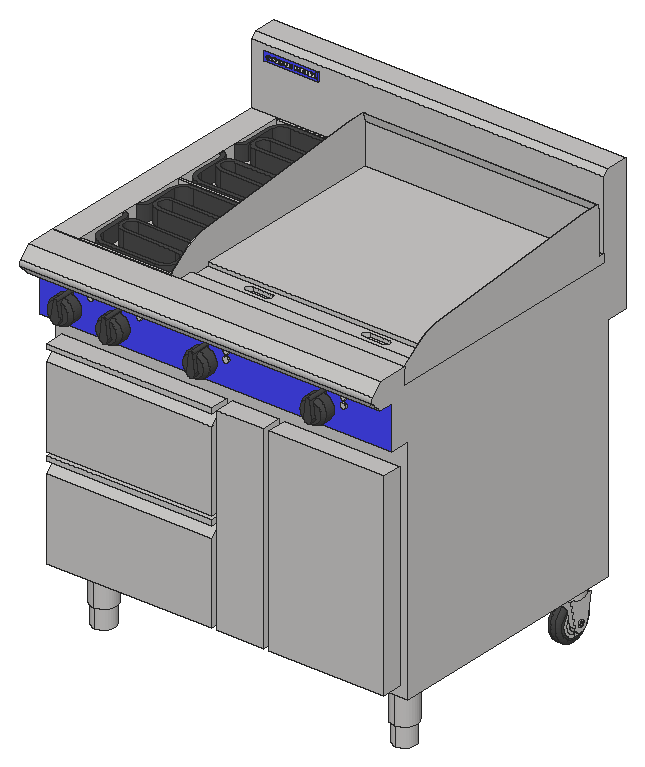
Revit family "QF_MOFFAT_BLUESEAL_CE_E516B-RB", category Specialty Equipment, Revit 2012 (continued)
Definition of nested family "ELECTRIC BURNER & GRIDDLE 900"
  Lines and regions (mm)
    symbolic lines
      curve 45: arc (85.912, -45.396, 0) -> (94.459, -26.845, 0) -> (113.612, -19.75, 0) r 26.722
      curve 46: line (246.212, -387.65, 0) -> (114.862, -387.65, 0)
      curve 47: arc (114.862, -387.65, 0) -> (87.162, -415.35, 0) -> (114.862, -443.05, 0) r 27.7
      curve 48: line (114.862, -443.05, 0) -> (246.212, -443.05, 0)
      curve 49: arc (246.212, -443.05, 0) -> (273.912, -470.75, 0) -> (246.212, -498.45, 0) r 27.7
      curve 50: line (246.212, -498.45, 0) -> (114.862, -498.45, 0)
      curve 51: arc (114.862, -498.45, 0) -> (87.162, -526.15, 0) -> (114.862, -553.85, 0) r 27.7
      curve 52: line (114.862, -553.85, 0) -> (246.212, -553.85, 0)
      curve 53: arc (246.212, -553.85, 0) -> (273.912, -581.55, 0) -> (246.212, -609.25, 0) r 27.7
      curve 54: line (246.212, -609.25, 0) -> (113.612, -609.25, 0)
      curve 55: arc (113.612, -609.25, 0) -> (94.459, -602.155, 0) -> (85.912, -583.604, 0) r 26.722
      curve 56: line (85.912, -583.604, 0) -> (85.912, -512.396, 0)
      curve 57: arc (85.912, -512.396, 0) -> (79.848, -496.287, 0) -> (65, -487.582, 0) r 25.79
      curve 58: line (65, -487.582, 0) -> (65, -497.888, 0)
      curve 59: arc (65, -497.888, 0) -> (72.781, -503.462, 0) -> (75.912, -512.507, 0) r 15.79
      curve 60: line (75.912, -512.507, 0) -> (75.912, -583.786, 0)
      curve 61: arc (75.912, -583.786, 0) -> (87.513, -609.351, 0) -> (113.784, -619.25, 0) r 36.722
      curve 62: line (113.784, -619.25, 0) -> (246.212, -619.25, 0)
      curve 63: arc (246.212, -619.25, 0) -> (283.912, -581.55, 0) -> (246.212, -543.85, 0) r 37.7
      curve 64: line (246.212, -543.85, 0) -> (113.612, -543.85, 0)
      curve 65: arc (113.612, -543.85, 0) -> (95.912, -526.15, 0) -> (113.612, -508.45, 0) r 17.7
      curve 66: line (113.612, -508.45, 0) -> (246.212, -508.45, 0)
      curve 67: arc (246.212, -508.45, 0) -> (283.912, -470.75, 0) -> (246.212, -433.05, 0) r 37.7
      curve 68: line (246.212, -433.05, 0) -> (113.612, -433.05, 0)
      curve 69: arc (113.612, -433.05, 0) -> (95.912, -415.35, 0) -> (113.612, -397.65, 0) r 17.7
      curve 70: line (113.612, -397.65, 0) -> (246.212, -397.65, 0)
      curve 71: arc (246.212, -397.65, 0) -> (283.912, -359.95, 0) -> (246.212, -322.25, 0) r 37.7
      curve 72: line (246.212, -322.25, 0) -> (113.784, -322.25, 0)
      curve 73: arc (113.784, -322.25, 0) -> (87.513, -332.149, 0) -> (75.912, -357.714, 0) r 36.722
      curve 74: line (75.912, -357.714, 0) -> (75.912, -428.981, 0)
      curve 75: arc (75.912, -428.981, 0) -> (72.964, -437.79, 0) -> (65.612, -443.468, 0) r 15.973
      curve 76: line (65.612, -443.468, 0) -> (65.612, -453.881, 0)
      curve 77: arc (65.612, -453.881, 0) -> (80.037, -444.995, 0) -> (85.912, -429.104, 0) r 25.973
      curve 78: line (85.912, -429.104, 0) -> (85.912, -357.896, 0)
      curve 79: arc (85.912, -357.896, 0) -> (94.459, -339.345, 0) -> (113.612, -332.25, 0) r 26.722
      curve 80: line (113.612, -332.25, 0) -> (246.212, -332.25, 0)
      curve 81: arc (246.212, -332.25, 0) -> (273.912, -359.95, 0) -> (246.212, -387.65, 0) r 27.7
      curve 82: line (0, 0, 0) -> (0, -635, 0)
      curve 83: line (65.8, -320.251, 0) -> (294.362, -320.251, 0)
      curve 84: line (294.362, -320.251, 0) -> (294.362, -630, 0)
      curve 85: line (294.362, -630, 0) -> (65.8, -630, 0)
      curve 86: line (65.8, -630, 0) -> (65.8, -320.251, 0)
      curve 87: line (65.8, -312.651, 0) -> (65.8, -5, 0)
      curve 88: line (65.8, -5, 0) -> (294.362, -5, 0)
      curve 89: line (294.362, -5, 0) -> (294.362, -312.651, 0)
      curve 90: line (294.362, -312.651, 0) -> (65.8, -312.651, 0)
  Dimensions and locks
    equal spacing: plane 3 "LEFT", plane 7 "Center Y", plane 4 "RIGHT"
    "Width": plane 3 "LEFT" to plane 4 "RIGHT"
    equal spacing: plane 5 "FRONT", plane 8 "Center X", plane 1 "BACK"
    "Depth": plane 5 "FRONT" to plane 1 "BACK"
    aligned and locked: level to plane 2
  Automatic sketch dimensions
    plane 1 "BACK" to Extrusion 1 sketch curve = 0 mm
    Extrusion 1 sketch curve to plane 10 = 0 mm  (x2)
    Extrusion 1 sketch curve to plane 3 "LEFT" = 0 mm
    plane 5 "FRONT" to Extrusion 1 sketch curve = 0 mm
    plane 1 "BACK" to Extrusion 1 sketch curve = 5 mm
    plane 8 "Center X" to Extrusion 1 sketch curve = 4.849 mm
    Extrusion 1 sketch curve to plane 8 "Center X" = 2.751 mm
    Extrusion 1 sketch curve to plane 5 "FRONT" = 5 mm
    Extrusion 1 sketch curve to plane 7 "Center Y" = 155.638 mm  (x2)
    Extrusion 1 sketch curve to Extrusion 1 sketch curve = 5.638 mm
    Extrusion 2 sketch curve to Extrusion 2 sketch curve = 0 mm  (x35)
    plane 1 "BACK" to Extrusion 2 sketch curve = 9.75 mm
    Extrusion 2 sketch curve to Extrusion 2 sketch curve = 10 mm  (x2)
    plane 9 to Extrusion 2 sketch curve = 24.786 mm
    Extrusion 2 sketch curve to Extrusion 2 sketch curve = 0.182 mm  (x4)
    plane 9 to Extrusion 2 sketch curve = 23.546 mm
    plane 9 to Extrusion 2 sketch curve = 22.55 mm
    Extrusion 2 sketch curve to Extrusion 2 sketch curve = 17.7 mm  (x4)
    Extrusion 2 sketch curve to plane 9 = 46.093 mm
    Extrusion 2 sketch curve to Extrusion 2 sketch curve = 0.4 mm  (x2)
    Extrusion 2 sketch curve to Extrusion 2 sketch curve = 0.111 mm  (x2)
    Extrusion 2 sketch curve to Extrusion 2 sketch curve = 14.806 mm
    Extrusion 2 sketch curve to Extrusion 2 sketch curve = 10.393 mm
    Extrusion 2 sketch curve to Extrusion 2 sketch curve = 27.7 mm  (x6)
    Extrusion 2 sketch curve to Extrusion 2 sketch curve = 33.826 mm
    Extrusion 2 sketch curve to Extrusion 2 sketch curve = 10.413 mm  (x2)
    Extrusion 2 sketch curve to Extrusion 2 sketch curve = 14.364 mm
    Extrusion 2 sketch curve to Extrusion 2 sketch curve = 0.123 mm  (x2)
    Extrusion 2 sketch curve to Extrusion 2 sketch curve = 14.934 mm  (x2)
    Extrusion 2 sketch curve to Extrusion 2 sketch curve = 26.704 mm  (x2)
    Extrusion 2 sketch curve to Extrusion 2 sketch curve = 1.058 mm  (x3)
    Extrusion 2 sketch curve to plane 8 "Center X" = 4.75 mm
    Extrusion 2 sketch curve to plane 8 "Center X" = 40.214 mm
    Extrusion 2 sketch curve to Extrusion 2 sketch curve = 4.516 mm
    Extrusion 2 sketch curve to Extrusion 2 sketch curve = 0.447 mm
    Extrusion 2 sketch curve to Extrusion 2 sketch curve = 33.7 mm
    Extrusion 2 sketch curve to Extrusion 2 sketch curve = 10.306 mm
    Extrusion 2 sketch curve to Extrusion 2 sketch curve = 14.508 mm
    plane 3 "LEFT" to Extrusion 2 sketch curve = 59.946 mm  (x2)
    plane 3 "LEFT" to Extrusion 2 sketch curve = 60.128 mm  (x2)
    Extrusion 2 sketch curve to Extrusion 2 sketch curve = 4.872 mm
    Extrusion 2 sketch curve to Extrusion 2 sketch curve = 5.484 mm
    Extrusion 2 sketch curve to Extrusion 2 sketch curve = 5.667 mm  (x2)
    Extrusion 2 sketch curve to Extrusion 2 sketch curve = 26.701 mm  (x4)
    Extrusion 2 sketch curve to Extrusion 2 sketch curve = 0.999 mm  (x3)
    Extrusion 2 sketch curve to Extrusion 2 sketch curve = 0.156 mm
    Extrusion 2 sketch curve to Extrusion 2 sketch curve = 0.625 mm
    Extrusion 2 sketch curve to Extrusion 2 sketch curve = 1.25 mm  (x2)
    Extrusion 2 sketch curve to Extrusion 2 sketch curve = 132.6 mm
    Extrusion 2 sketch curve to Extrusion 2 sketch curve = 132.428 mm
    Extrusion 2 sketch curve to Extrusion 2 sketch curve = 131.35 mm
    curve 11 to curve 37 = 0 mm  (x2)
    curve 15 to curve 33 = 0 mm  (x2)
    curve 19 to curve 29 = 0 mm  (x2)
    curve 21 to curve 27 = 0 mm  (x2)
    curve 23 to curve 25 = 0 mm  (x2)
    curve 39 to curve 45 = 0 mm  (x2)
    curve 41 to curve 43 = 0 mm  (x2)
    curve 49 to curve 67 = 0 mm  (x2)
    curve 53 to curve 63 = 0 mm  (x2)
    curve 55 to curve 61 = 0 mm  (x2)
    curve 57 to curve 59 = 0 mm  (x2)
    curve 71 to curve 81 = 0 mm  (x2)
    curve 73 to curve 79 = 0 mm  (x2)
    curve 75 to curve 77 = 0 mm  (x2)
    curve 1 to plane 3 "LEFT" = 0 mm
    plane 5 "FRONT" to curve 7 = 0 mm
    curve 3 to plane 4 "RIGHT" = 0 mm
    plane 1 "BACK" to curve 82 = 0 mm
    plane 3 "LEFT" to curve 25 = 59.946 mm
    plane 3 "LEFT" to curve 75 = 59.946 mm
    plane 3 "LEFT" to curve 59 = 60.128 mm
    plane 3 "LEFT" to curve 43 = 60.128 mm
    curve 57 to curve 58 = 4.872 mm
    curve 23 to curve 25 = 5.667 mm
    curve 41 to curve 43 = 5.484 mm
    curve 75 to curve 76 = 5.667 mm
    curve 7 to plane 8 "Center X" = 2.751 mm
    plane 3 "LEFT" to curve 7 = 65.8 mm
    curve 90 to curve 7 = 0 mm
    curve 57 to curve 59 = 15.784 mm
    curve 75 to curve 74 = 15.967 mm
    curve 87 to curve 27 = 10.112 mm
    curve 87 to curve 39 = 10.112 mm
    curve 25 to curve 23 = 10 mm
    curve 39 to curve 44 = 10 mm
    curve 73 to curve 79 = 10 mm
    curve 59 to curve 57 = 10 mm
    curve 44 to curve 39 = 26.701 mm
    curve 21 to curve 27 = 26.701 mm
    curve 79 to curve 79 = 26.701 mm
    curve 56 to curve 55 = 26.701 mm
    curve 23 to curve 32 = 27.7 mm
    curve 36 to plane 9 = 15.15 mm
    curve 39 to curve 36 = 0.999 mm
    curve 56 to curve 66 = 27.7 mm
    curve 55 to curve 55 = 0.999 mm
    curve 77 to curve 68 = 27.7 mm
    curve 21 to curve 20 = 0.999 mm
    curve 79 to plane 8 "Center X" = 14.75 mm
    curve 73 to curve 79 = 0.999 mm
    curve 39 to curve 45 = 0.999 mm
    curve 35 to curve 13 = 0.156 mm
    curve 54 to curve 62 = 0.172 mm
    curve 45 to curve 39 = 0.172 mm
    curve 80 to curve 72 = 0.172 mm
    curve 20 to curve 27 = 0.172 mm
    curve 31 to curve 17 = 0.625 mm
    curve 65 to curve 51 = 1.25 mm
    curve 68 to curve 48 = 1.25 mm
    curve 54 to plane 5 "FRONT" = 25.75 mm
    curve 54 to curve 54 = 132.6 mm
    curve 50 to curve 63 = 0 mm
    curve 46 to curve 68 = 0 mm
    plane 1 "BACK" to curve 38 = 9.75 mm
    curve 39 to curve 38 = 132.428 mm
    curve 34 to curve 36 = 0 mm
    curve 30 to curve 32 = 0 mm
    plane 8 "Center X" to curve 90 = 4.849 mm
    curve 29 to curve 90 = 48.15 mm
    curve 9 to plane 5 "FRONT" = 0.299 mm
    curve 62 to curve 9 = 48.15 mm
    curve 8 to curve 89 = 0 mm
    curve 9 to curve 9 = 11.275 mm
    plane 4 "RIGHT" to curve 2 = 65.612 mm
    curve 6 to curve 86 = 5 mm
    curve 62 to curve 54 = 10 mm
    curve 55 to curve 60 = 25.464 mm
    curve 54 to curve 53 = 27.7 mm
    curve 64 to curve 65 = 17.7 mm
    curve 65 to curve 51 = 0 mm
    curve 59 to curve 66 = 4.457 mm
    curve 57 to curve 59 = 0.4 mm
    curve 59 to curve 57 = 0.111 mm
    curve 49 to curve 67 = 27.7 mm
    curve 57 to curve 77 = 33.7 mm
    curve 77 to curve 76 = 10.413 mm
    curve 75 to curve 77 = 14.364 mm
    curve 68 to curve 69 = 17.7 mm
    curve 69 to curve 47 = 0 mm
    curve 79 to curve 79 = 26.704 mm
    plane 8 "Center X" to curve 28 = 10.75 mm
    curve 28 to curve 19 = 10 mm
    curve 87 to curve 26 = 41.365 mm
    curve 20 to curve 19 = 27.7 mm
    curve 30 to curve 31 = 17.7 mm
    curve 31 to curve 17 = 0 mm
    curve 23 to curve 32 = 4.516 mm
    curve 23 to curve 26 = 0.447 mm
    curve 25 to curve 23 = 0.123 mm
    curve 15 to curve 33 = 27.7 mm
    curve 24 to curve 43 = 33.826 mm
    curve 42 to curve 41 = 10.393 mm
    curve 42 to curve 43 = 14.296 mm
    curve 35 to curve 13 = 0 mm
    curve 39 to curve 10 = 26.704 mm
    plane 1 "BACK" to curve 88 = 5 mm
  Nested families
    nested 1: "ELECTRIC GRIDDLE PLATE 300" at (300, -15, 0), type "ELECTRIC GRIDDLE PLATE 300"
      with Width 600 mm, Type Mark "", Status "", Specification by User "", Show Clearance yes, Revision Code "", Number of Poles 1, Mechanical Remarks "", Mechanical Connection Type "", Item Number "", Installed By "", Identify Quantity as Lot yes, Gas RI Height 0 mm, Gas KW 0, Gas Input 0.0 Btu/h, Furnished By "", Foodservice Equipment Identifier yes, Electrical Remarks "", Electric Connection Type "", Elec Conn RI Height 0 mm, Elec Conn Connection Height 0 mm, Depth 620 mm
  Definition of nested family "ELECTRIC GRIDDLE PLATE 300"
    Parameters (values of type "ELECTRIC GRIDDLE PLATE 300")
      Width [instance] = 600 mm
      Weight in Pounds = 0
      Watts = 0 W
      Volts = 0 V
      URL Cutsheet = ""
      Type Mark [instance] = ""
      Status [instance] = ""
      Specification by User [instance] = ""
      Specification by Manufacturer = ""
      Show Clearance [instance] = yes
      Serial Number = ""
      Seismic Rating = ""
      SMACNA No = ""
      Revision Code [instance] = ""
      Phase = 1
      Omniclass Number and Title = ""
      Number of Poles [instance] = 1
      NAFEM Spec ID Number = ""
      Min Ckt Ampacity = 0 A
      Mechanical Remarks [instance] = ""
      Mechanical Connection Type [instance] = ""
      Max Overcurrent Protection = 0 A
      Masterspec = ""
      Item Number [instance] = ""
      Installed By [instance] = ""
      Identify Quantity as Lot [instance] = yes
      HP = ""
      Gas Size = 0"
      Gas RI Height [instance] = 0 mm
      Gas KW [instance] = 0
      Gas Input [instance] = 0.0 Btu/h
      Gas Connection Height = 0 mm
      Furnished By [instance] = ""
      Foodservice Equipment Identifier [instance] = yes
      FL Amps = 0 A
      Electrical Remarks [instance] = ""
      Electric Connection Type [instance] = ""
      Elec Conn RI Height [instance] = 0 mm
      Elec Conn Connection Height [instance] = 0 mm
      Depth [instance] = 620 mm
      Cycle = 0 Hz
      Conn Plug = ""
      Conn Conduit = yes
      CSI MasterFormat = ""
      CSI Master Format = ""
      Apparent Power = if(Phase = 3, Volts * FL Amps * 1.73, Volts * FL Amps)  # 0 VA
    Reference planes
      plane 1 "BACK": y = 0
      plane 2: z = 0
      plane 3 "LEFT": x = 0
      plane 4 "RIGHT": x = 600
      plane 5 "FRONT": y = -620
      plane 6 "TOP": z = 142.5
      plane 7 "Center Y": x = 300
      plane 8 "Center X": y = -310
      plane 9: y = -530.997
      plane 10: y = -541.497
      plane 11: y = -503.25
      plane 12: y = -557.737
    Forms (mm)
      Extrusion 1, solid, material "QF_Finishes_Stainless Steel"
        sketch origin (0, 70.003, -874.5) x (0, 1, 0) y (0, 0, 1)
          loop
            line (-70, 875) -> (-70, 997.489) -> (-75.228, 1017) -> (-117.24, 1017) -> (-589.533, 971.523)
            arc (-589.533, 971.523) -> (-614.56, 965.803) -> (-637.306, 953.899) r 100
            line (-637.306, 953.899) -> (-690.003, 917) -> (-690.003, 875) -> (-70, 875)
        from 0 to 1.8
      Extrusion 2, solid, material "QF_Finishes_Stainless Steel"
        sketch origin (600, 70.003, -874.5) x (0, -1, 0) y (0, 0, 1)
          loop
            line (70, 875) -> (690.003, 875) -> (690.003, 917) -> (637.306, 953.899)
            arc (637.306, 953.899) -> (614.56, 965.803) -> (589.533, 971.523) r 100
            line (589.533, 971.523) -> (117.24, 1017) -> (75.228, 1017) -> (70, 997.489) -> (70, 875)
        from 0 to 1.2
      Extrusion 3, solid, material "QF_Finishes_Stainless Steel"
        sketch origin (150, 70.003, -874.5) x (0, 1, 0) y (0, 0, 1)
          loop
            line (-55, 895) -> (-573.253, 895) -> (-573.253, 884.5) -> (-627.74, 884.5) -> (-627.74, 895) -> (-690.003, 895) -> (-690.003, 875) -> (-55, 875) -> (-55, 895)
        from -148.2 to 450
      Extrusion 4, void
        sketch origin (150, -541.497, 10) x (0, -1, 0) y (1, 0, 0)
          loop
            arc (-7.497, 325) -> (-17.497, 335) -> (-27.497, 325) r 10
            line (-27.497, 325) -> (-27.497, 275)
            arc (-27.497, 275) -> (-17.497, 265) -> (-7.497, 275) r 10
            line (-7.497, 275) -> (-7.497, 325)
          loop
            arc (-7.497, 25) -> (-17.497, 35) -> (-27.497, 25) r 10
            line (-27.497, 25) -> (-27.497, -25)
            arc (-27.497, -25) -> (-17.497, -35) -> (-7.497, -25) r 10
            line (-7.497, -25) -> (-7.497, 25)
        from -41.4 to 40.142
      Extrusion 5, solid, material "QF_Finishes_Stainless Steel"
        sketch origin (0, 70.003, -874.5) x (0, 1, 0) y (0, 0, 1)
          loop
            line (-70, 875) -> (-70, 997.489) -> (-75.228, 1017) -> (-76.884, 1017) -> (-71.6, 997.278) -> (-71.6, 875) -> (-70, 875)
        from 0 to 598.8
    Cuts and joins
      Extrusion 4 cuts Extrusion 3
      joined: Extrusion 1, Extrusion 2, Extrusion 3, Extrusion 5
    Lines and regions (mm)
      symbolic lines
        curve 1: line (598.8, -503.25, 0) -> (1.8, -503.25, 0)
        curve 2: line (1.8, -557.737, 0) -> (598.8, -557.737, 0)
        curve 3: line (1.8, -1.68, 0) -> (598.8, -1.68, 0)
        curve 4: line (598.8, -1.68, 0) -> (598.8, -620, 0)
        curve 5: line (1.8, -620, 0) -> (1.8, -1.68, 0)
        curve 6: line (1.8, -620, 0) -> (598.8, -620, 0)
        curve 7: line (125, -514, 0) -> (175, -514, 0)
        curve 8: arc (175, -514, 0) -> (185, -524, 0) -> (175, -534, 0) r 10
        curve 9: line (175, -534, 0) -> (125, -534, 0)
        curve 10: arc (125, -534, 0) -> (115, -524, 0) -> (125, -514, 0) r 10
        curve 11: line (425, -514, 0) -> (475, -514, 0)
        curve 12: arc (475, -514, 0) -> (485, -524, 0) -> (475, -534, 0) r 10
        curve 13: line (475, -534, 0) -> (425, -534, 0)
        curve 14: arc (425, -534, 0) -> (415, -524, 0) -> (425, -514, 0) r 10
    Dimensions and locks
      equal spacing: plane 3 "LEFT", plane 7 "Center Y", plane 4 "RIGHT"
      "Width": plane 3 "LEFT" to plane 4 "RIGHT"
      equal spacing: plane 5 "FRONT", plane 8 "Center X", plane 1 "BACK"
      "Depth": plane 5 "FRONT" to plane 1 "BACK"
      locked: Extrusion 2 to Extrusion 2 at 1.2
      aligned and locked: level to plane 2
      aligned and locked: Extrusion 2 to plane 4 "RIGHT"
      aligned and locked: curve 1 to plane 11
      aligned and locked: plane 12 to curve 2
      aligned and locked: Extrusion 5 to cut or joined group of Extrusion 1, Extrusion 2, Extrusion 3, Extrusion 4, Extrusion 5
      aligned and locked: cut or joined group of Extrusion 1, Extrusion 2, Extrusion 3, Extrusion 4, Extrusion 5 to plane 4 "RIGHT"
    Automatic sketch dimensions
      plane 5 "FRONT" to curve 6 = 0 mm
      plane 3 "LEFT" to curve 6 = 1.8 mm
      plane 4 "RIGHT" to curve 4 = 1.2 mm
      plane 1 "BACK" to curve 3 = 1.68 mm
      Extrusion 1 sketch curve to plane 5 "FRONT" = 0 mm
      Extrusion 1 sketch curve to plane 6 "TOP" = 0 mm
      plane 12 to Extrusion 1 sketch curve = 9.566 mm
      plane 11 to Extrusion 1 sketch curve = 16.28 mm
      Extrusion 1 sketch curve to level = 2.516 mm
      plane 11 to Extrusion 1 sketch curve = 6.695 mm
      plane 1 "BACK" to Extrusion 1 sketch curve = 47.237 mm
      plane 1 "BACK" to Extrusion 1 sketch curve = 5.225 mm
      Extrusion 1 sketch curve to plane 1 "BACK" = 0.003 mm
      level to Extrusion 1 sketch curve = 0.5 mm
      Extrusion 1 sketch curve to Extrusion 1 sketch curve = 42 mm
      Extrusion 1 sketch curve to plane 6 "TOP" = 63.101 mm
      Extrusion 1 sketch curve to plane 6 "TOP" = 19.511 mm
      Extrusion 2 sketch curve to plane 6 "TOP" = 0 mm
      Extrusion 2 sketch curve to plane 5 "FRONT" = 0 mm
      plane 12 to Extrusion 2 sketch curve = 9.566 mm
      plane 11 to Extrusion 2 sketch curve = 16.28 mm
      Extrusion 2 sketch curve to level = 2.516 mm
      plane 11 to Extrusion 2 sketch curve = 6.695 mm
      plane 1 "BACK" to Extrusion 2 sketch curve = 47.237 mm
      plane 1 "BACK" to Extrusion 2 sketch curve = 5.225 mm
      Extrusion 2 sketch curve to plane 1 "BACK" = 0.003 mm
      level to Extrusion 2 sketch curve = 0.5 mm
      Extrusion 2 sketch curve to Extrusion 2 sketch curve = 42 mm
      Extrusion 2 sketch curve to plane 6 "TOP" = 63.101 mm
      Extrusion 2 sketch curve to plane 6 "TOP" = 19.511 mm
      Extrusion 3 sketch curve to plane 5 "FRONT" = 0 mm
      Extrusion 3 sketch curve to plane 12 = 0 mm
      Extrusion 3 sketch curve to plane 11 = 0 mm
      Extrusion 3 sketch curve to plane 1 "BACK" = 15.003 mm
      level to Extrusion 3 sketch curve = 0.5 mm
      level to Extrusion 3 sketch curve = 10 mm
      Extrusion 3 sketch curve to Extrusion 3 sketch curve = 10.5 mm  (x2)
      plane 1 "BACK" to Extrusion 5 sketch curve = 5.225 mm
      Extrusion 5 sketch curve to plane 1 "BACK" = 0.003 mm
      Extrusion 5 sketch curve to plane 6 "TOP" = 19.511 mm
      Extrusion 5 sketch curve to Extrusion 5 sketch curve = 1.6 mm
      Extrusion 5 sketch curve to Extrusion 5 sketch curve = 0.211 mm
      Extrusion 5 sketch curve to plane 6 "TOP" = 0 mm
      Extrusion 5 sketch curve to Extrusion 5 sketch curve = 1.656 mm
      level to Extrusion 5 sketch curve = 0.5 mm
      plane 11 to Extrusion 4 sketch curve = 10.75 mm  (x2)
      Extrusion 4 sketch curve to Extrusion 4 sketch curve = 10 mm  (x2)
      plane 3 "LEFT" to Extrusion 4 sketch curve = 125 mm
      Extrusion 4 sketch curve to Extrusion 4 sketch curve = 50 mm  (x2)
      plane 7 "Center Y" to Extrusion 4 sketch curve = 125 mm
      plane 11 to curve 10 = 10.75 mm
      curve 1 to curve 10 = 123.2 mm
      curve 9 to plane 12 = 23.737 mm
      curve 9 to curve 9 = 50 mm
      plane 11 to curve 14 = 10.75 mm
      plane 7 "Center Y" to curve 14 = 125 mm
      curve 13 to plane 12 = 23.737 mm
      curve 13 to curve 13 = 50 mm
Definition of nested family "ELECTRICAL CONNECTION 2"
  Parameters (values of type "ELECTRICAL CONNECTION 2")
    Weight in Pounds = 0
    Watts = if(Phase = 3, Volts * FL Amps * 1.73, Volts * FL Amps)  # 414 W
    Volts = 230 V
    URL Cutsheet = ""
    Type Mark [instance] = ""
    Status [instance] = ""
    Specification by User [instance] = ""
    Specification by Manufacturer = ""
    Serial Number = ""
    Seismic Rating = ""
    SMACNA No = ""
    Revision Code [instance] = ""
    Phase = 1
    Omniclass Number and Title = ""
    Number of Poles [instance] = 1
    NAFEM Spec ID Number = ""
    Min Ckt Ampacity = 0 A
    Max Overcurrent Protection = 0 A
    Masterspec = ""
    Item Number [instance] = ""
    Installed By [instance] = ""
    Identify Quantity as Lot [instance] = yes
    HP = ""
    Furnished By [instance] = ""
    Foodservice Equipment Identifier [instance] = yes
    FL Amps = 1.8 A
    Electrical Remarks [instance] = ""
    Electric Connection Type [instance] = ""
    Elec Conn RI Height [instance] = 0 mm
    Elec Conn Connection Height [instance] = 0 mm
    Cycle = 50 Hz
    Conn Plug = ""
    Conn Conduit = yes
    CSI MasterFormat = ""
    CSI Master Format = ""
    Apparent Power = if(Phase = 3, Volts * FL Amps * 1.73, Volts * FL Amps)  # 414 VA
  Reference planes
    plane 1 "BACK": y = 0
    plane 2: z = 0
    plane 3 "LEFT": x = 0
    plane 4 "RIGHT": x = 25.4
    plane 5 "FRONT": y = -25.4
    plane 6 "TOP": z = 25.4
    plane 7 "Center Y": x = 12.7
    plane 8 "Center X": y = -12.7
  Forms (mm)
    Extrusion 1, solid, material "QF_Finishes_Stainless Steel"
      sketch origin (0, 0, 0) x (1, 0, 0) y (0, 1, 0)
        loop
          line (0, 0) -> (0, -25.4) -> (25.4, -25.4) -> (25.4, 0) -> (0, 0)
      from 0 to 25.4
  Dimensions and locks
    equal spacing: plane 3 "LEFT", plane 7 "Center Y", plane 4 "RIGHT"
    plane 3 "LEFT" to plane 4 "RIGHT" = 25.4 mm
    equal spacing: plane 5 "FRONT", plane 8 "Center X", plane 1 "BACK"
    plane 5 "FRONT" to plane 1 "BACK" = 25.4 mm
    aligned and locked: level to plane 2
  Automatic sketch dimensions
    Extrusion 1 sketch curve to plane 3 "LEFT" = 0 mm
    Extrusion 1 sketch curve to plane 4 "RIGHT" = 0 mm
    plane 5 "FRONT" to Extrusion 1 sketch curve = 0 mm
    plane 1 "BACK" to Extrusion 1 sketch curve = 0 mm
